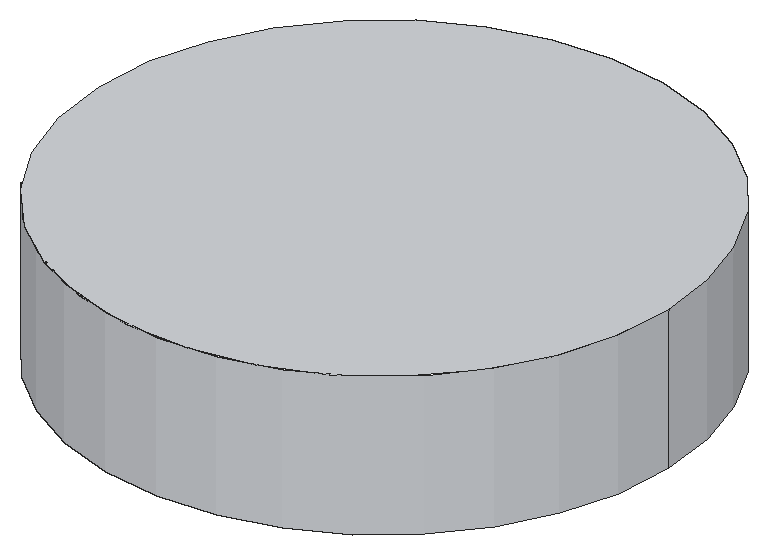
Revit family "電線管用ファミリ(片側のみ)_ver1", category Electrical Fixtures, Revit 2021
Family settings
  Maintain Annotation Orientation = No
  Round Connector Dimension = Use Diameter
  Part Type = Normal
  OmniClass Number = 23.80.00.00
  OmniClass Title = Electric Power and Lighting
  Work Plane-Based = No
  Always vertical = Yes
  Cut with Voids When Loaded = No
  Shared = No
  Room Calculation Point = No
Parameters
  コネクタ直径 [instance] = 16 mm
  W [instance] = 200 mm
  Default Elevation = 0 mm
  D [instance] = 200 mm
Reference planes
  plane 1 "Center (Front/Back)": y = 0
  plane 2: z = 0
  plane 3 "Center (Left/Right)": x = 0
  plane 4: x = -100
  plane 5: x = 100
  plane 6: y = 100
  plane 7: y = -100
  plane 8: z = 33.685
  plane 9: z = 50
Forms (mm)
  Extrusion 1, solid
    sketch origin (0, 0, 0) x (1, 0, 0) y (0, 1, 0)
      loop
        circle (0, 0) r 100
    from 0 to 50
Dimensions and locks
  equal spacing: plane 4, plane 3 "Center (Left/Right)", plane 5
  "W": plane 4 to plane 5
  equal spacing: plane 6, plane 1 "Center (Front/Back)", plane 7
  "D": plane 6 to plane 7
  aligned and locked: level to plane 2
  aligned and locked: plane 9 to Extrusion 1
Automatic sketch dimensions
  plane 1 "Center (Front/Back)" to Extrusion 1 sketch curve = 0 mm
  Extrusion 1 sketch curve to plane 3 "Center (Left/Right)" = 0 mm
  radius of Extrusion 1 sketch curve = 100 mm
Connectors
  cabletrayconduit at (0, 0, 50), diameter 16
    settings: on Extrusion 1, index 1, connector width 300 mm, connector height 300 mm, connector angle 0.00°, system type 32, placement type 0, profile type 0, connector reference index -1, is primary connector yes, connector utility param no, connector description ""
